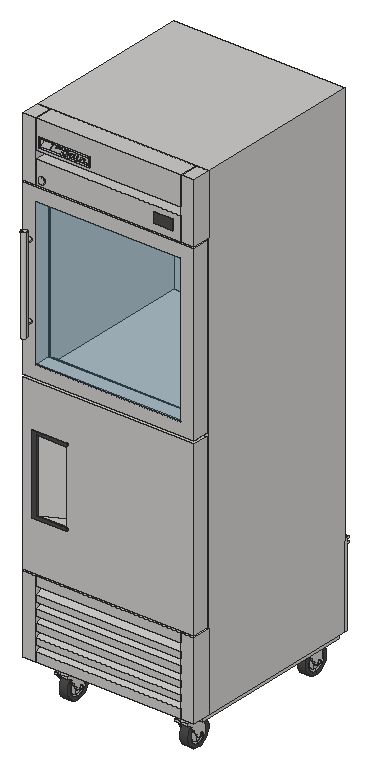
Revit family "QF_TRUE_TS-23-1-G-1-HC~FGD01", category Specialty Equipment, Revit 2015
Parameters
  Weight in Pounds = 330
  Watts = Volts * FL Amps  # 253 W
  Volts = 115 V
  URL Cutsheet = "www.truemfg.com"
  URL = "www.truemfg.com"
  Specification by User = ""
  Specification by Manufacturer = ""
  Show Clearance [instance] = yes
  Show 6 Inches Standard Legs [instance] = no
  Show 6 Inches Seismic Flanged Legs [instance] = no
  6 Inches Seismic Flanged Legs [instance] = and(Show 6 Inches Seismic Flanged Legs, not(Show 5.25 Inches Castors))  # no
  Show Logo [instance] = yes
  Serial Number = ""
  Seismic Rating = ""
  SMACNA No = ""
  Revision Code = ""
  Phase = 1
  Overall Height [instance] = Body Height + Base Height  # 83 5/8"
  Number of Poles = 1
  NAFEM Spec ID Number = ""
  Model = "TS-23-1-G-1-HC~FGD01"
  Min Ckt Ampacity = 0 A
  Max Overcurrent Protection = 0 A
  Masterspec = ""
  Manufacturer = "TRUE"
  Length = 27"
  Item Number = ""
  Installed By = ""
  Identify Quantity as Lot = yes
  Height = 83 3/8"
  HP = "1/4"
  Furnished By = ""
  Foodservice Equipment Identifier = yes
  FL Amps = 2.2 A
  Electrical Remarks = ""
  Electric Connection Type = ""
  Elec Conn RI Height = 0"
  Elec Conn Connection Height = 0"
  Description = "REACH-IN COMBINATION HALF SWING DOOR STAINLESS STEEL REFRIGERATOR WITH HYDROCARBON REFRIGERANT~FRAMED GLASS DOOR VERSION 01"
  Depth = 29 7/8"
  Cycle = 60 Hz
  Conn Plug = "NEMA 5-15P"
  Conn Conduit = yes
  CSI MasterFormat = ""
  Body Height = 78 3/8"
  Base Height [instance] = if(Show 5.25 Inches Castors, 5 1/4", 6")  # 5 1/4"
  Apparent Power = 0 VA
  6 Inches Standard Legs [instance] = and(Show 6 Inches Standard Legs, not(Show 5.25 Inches Castors))  # no
  Show 5.25 Inches Castors [instance] = if(Show 6 Inches Seismic Flanged Legs, Show 6 Inches Standard Legs, not(Show 6 Inches Standard Legs))  # yes
Reference planes (in)
  plane 1 "BACK": y = 0
  plane 2: z = 0
  plane 3 "LEFT": x = 0
  plane 4 "RIGHT": x = 27
  plane 5 "FRONT": y = -29.875
  plane 6 "TOP": z = 83.625
  plane 7 "Center Y": x = 13.5
  plane 8 "Center X": y = -14.9375
  plane 9: z = 5.25
Dimensions and locks (in)
  equal spacing: plane 3 "LEFT", plane 7 "Center Y", plane 4 "RIGHT"
  "Length": plane 3 "LEFT" to plane 4 "RIGHT"
  equal spacing: plane 5 "FRONT", plane 8 "Center X", plane 1 "BACK"
  "Depth": plane 5 "FRONT" to plane 1 "BACK"
  "Overall Height": plane 6 "TOP" to level
  plane 3 "LEFT" to plane 4 "RIGHT" = 27"
  "Base Height": plane 9 to level
  "Body Height": nested 5 to plane 9
  plane 6 "TOP" to nested 5 = 77"
  aligned and locked: level to plane 2
  aligned and locked: nested 5 to plane 9
Nested families (in)
  nested 1: "CASTER-LEGS" at (4, -2.625, 0), Show 5" Casters <- "Show 5.25 Inches Castors", Show 6 Inches Legs <- "6 Inches Standard Legs", Show Siesmic Flanged <- "6 Inches Seismic Flanged Legs", type "CASTER-LEGS"
    with Type Mark "", Status "", Specification by User "", Show Siesmic Flanged no, Show 6" Casters no, Show 6 Inches Legs no, Show 5" Casters yes, Show 4" Casters no, Show 2.5 Standard Legs no, Show 2.5 Casters no, Revision Code "", Low Profile no, Item Number "", Installed By "", Identify Quantity as Lot yes, Furnished By "", Foodservice Equipment Identifier yes
  nested 2: "CASTER-LEGS" at (4, -25.875, 0), Show 5" Casters <- "Show 5.25 Inches Castors", Show 6 Inches Legs <- "6 Inches Standard Legs", Show Siesmic Flanged <- "6 Inches Seismic Flanged Legs", type "CASTER-LEGS"
    with Type Mark "", Status "", Specification by User "", Show Siesmic Flanged no, Show 6" Casters no, Show 6 Inches Legs no, Show 5" Casters yes, Show 4" Casters no, Show 2.5 Standard Legs no, Show 2.5 Casters no, Revision Code "", Low Profile no, Item Number "", Installed By "", Identify Quantity as Lot yes, Furnished By "", Foodservice Equipment Identifier yes
  nested 3: "CASTER-LEGS" at (23, -2.625, 0), Show 5" Casters <- "Show 5.25 Inches Castors", Show 6 Inches Legs <- "6 Inches Standard Legs", Show Siesmic Flanged <- "6 Inches Seismic Flanged Legs", type "CASTER-LEGS"
    with Type Mark "", Status "", Specification by User "", Show Siesmic Flanged no, Show 6" Casters no, Show 6 Inches Legs no, Show 5" Casters yes, Show 4" Casters no, Show 2.5 Standard Legs no, Show 2.5 Casters no, Revision Code "", Low Profile no, Item Number "", Installed By "", Identify Quantity as Lot yes, Furnished By "", Foodservice Equipment Identifier yes
  nested 4: "CASTER-LEGS" at (23, -25.875, 0), Show 5" Casters <- "Show 5.25 Inches Castors", Show 6 Inches Legs <- "6 Inches Standard Legs", Show Siesmic Flanged <- "6 Inches Seismic Flanged Legs", type "CASTER-LEGS"
    with Type Mark "", Status "", Specification by User "", Show Siesmic Flanged no, Show 6" Casters no, Show 6 Inches Legs no, Show 5" Casters yes, Show 4" Casters no, Show 2.5 Standard Legs no, Show 2.5 Casters no, Revision Code "", Low Profile no, Item Number "", Installed By "", Identify Quantity as Lot yes, Furnished By "", Foodservice Equipment Identifier yes
  nested 5: "TS-23-1-G-1-HC-FGD01" at (0, 0, 0.25), Show Clearance <- "Show Clearance", Show Logo <- "Show Logo", type "TS-23-1-G-1-HC-FGD01"
    with Show Logo yes, Material and Finishes QF_Metal - Stainless - Polished
Connectors (in)
  electrical at (13.5, 0.5, 14.875), driven by "Volts", driven by "Watts"
    settings: on nested 5, index 1, voltage 115 V, apparent load 253 VA, apparent load phase1 0 VA, apparent load phase2 0 VA, apparent load phase3 0 VA, power factor 1, load classification "Other", number of poles 1, system type 30, power factor state 1, is connector primary yes, connector utility no, sub classification motor no, connector description "ELECTRICAL CONNECTION"
Definition of nested family "CASTER-LEGS"
  Parameters (values of type "CASTER-LEGS")
    Weight = ""
    URL Manufacturer = ""
    URL Cutsheet = ""
    URL = ""
    Type Mark [instance] = ""
    Status [instance] = ""
    Specification by User [instance] = ""
    Specification by Manufacturer = ""
    Show Siesmic Flanged [instance] = yes
    Show 6 Inches Legs [instance] = yes
    Show 6" Casters [instance] = yes
    Show 5" Casters [instance] = yes
    Show 4" Casters [instance] = yes
    Show 2.5 Standard Legs [instance] = yes
    Show 2.5 Casters [instance] = yes
    Serial Number = ""
    Seismic Rating = ""
    SMACNA No = ""
    Revision Code [instance] = ""
    Omniclass Number and Title = ""
    NAFEM Spec ID Number = ""
    Model = ""
    MasterSpec. = ""
    Manufacturer = ""
    Low Profile [instance] = yes
    Item Number [instance] = ""
    Installed By [instance] = ""
    Identify Quantity as Lot [instance] = yes
    Furnished By [instance] = ""
    Foodservice Equipment Identifier [instance] = yes
    Description = ""
    CSI MasterFormat = ""
    CSI Master Format = ""
    Assembly Code = ""
  Reference planes (in)
    plane 1: z = 0
    plane 2 "RIGHT": x = 0
    plane 3 "FRONT": y = 0
    plane 4 "TOP": z = 6
    plane 5: z = 2.125
    plane 6: z = 2.5
    plane 7: z = 6.25
  Forms (in)
    Revolve 1, solid, visible <- "Show 6 Inches Legs"
      sketch origin (11.12172, 0, 0) x (-1, 0, 0) y (0, 0, -1)
        loop
          line (11.12172, -6) -> (11.12172, 0) -> (10.62172, 0) -> (10.62172, -1.30261) -> (10.37172, -1.30261) -> (10.37172, -6) -> (11.12172, -6)
        axis (11.12172, 0) -> (11.12172, -6)
      angle from 0 to 360
    Extrusion 2, solid, visible <- "Show Siesmic Flanged"
      sketch origin (0, 0, 0) x (1, 0, 0) y (0, 1, 0)
        loop
          circle (-0.00825, 0) r 1
      from 0 to 0.125
    Revolve 3, solid, visible <- "Show Siesmic Flanged"
      sketch origin (11.12172, 0, 0) x (-1, 0, 0) y (0, 0, -1)
        loop
          line (11.12172, -6) -> (11.12172, -0.125) -> (10.62172, -0.125) -> (10.62172, -1.30261) -> (10.37172, -1.30261) -> (10.37172, -6) -> (11.12172, -6)
        axis (11.12172, -0.125) -> (11.12172, -6)
      angle from 0 to 360
    Revolve 4, solid, visible <- "Show 2.5 Standard Legs"
      sketch origin (11.12172, 0, 0) x (-1, 0, 0) y (0, 0, -1)
        loop
          line (11.12172, -2.5) -> (11.12172, 0) -> (10.62172, 0) -> (10.62172, -0.75) -> (10.37172, -0.75) -> (10.37172, -2.5) -> (11.12172, -2.5)
        axis (11.12172, 0) -> (11.12172, -2.5)
      angle from 0 to 360
  Dimensions and locks (in)
    plane 4 "TOP" to level = 6"  (x2)
    locked: Revolve 1 sketch curve to Revolve 1 sketch curve at 1.30261
    locked: Revolve 1 sketch curve to Revolve 1 sketch curve at 0.75
    nested 1 to level = 5"
    plane 6 to plane 1 = 2 1/2"
    plane 5 to plane 1 = 2 1/8"
    plane 7 to plane 1 = 6 1/4"
    locked: Revolve 3 sketch curve to Revolve 3 sketch curve at 0.75
    aligned and locked: level to plane 1
  Nested families (in)
    nested 1: "PITCO_5 INCHES CASTER" at (0, 0, 0), Show Casters <- "Show 5" Casters", type "PITCO_5 INCHES CASTER"
      with Type Mark "", Status "", Specification by User "", Show Casters yes, Revision Code "", Item Number "", Installed By "", Identify Quantity as Lot yes, Furnished By "", Foodservice Equipment Identifier yes
    nested 2: "2.13" at (0, 0, 0), 2.5 Inches Caster <- "Low Profile", type "2.13"
      with Type Mark "", Status "", Specification by User "", Revision Code "", Item Number "", Installed By "", Identify Quantity as Lot yes, Furnished By "", Foodservice Equipment Identifier yes, 2.5 Inches Caster yes
    nested 3: "C4" at (0, 0, 0), Show 4 Inches Casters <- "Show 4" Casters", type "C4"
      with Type Mark "", Specification by User "", Show 4 Inches Casters yes, Revision Code "", Item Number "", Installed By "", Identify Quantity as Lot yes, Furnished By "", Foodservice Equipment Identifier yes
    nested 4: "6 Inches Leg & Caster" at (0, 0, 0), Show Casters <- "Show 6" Casters", type "6 Inches Leg & Caster"
      with Type Mark "", Status "", Specification by User "", Show Casters yes, Revision Code "", Item Number "", Installed By "", Identify Quantity as Lot yes, Furnished By "", Foodservice Equipment Identifier yes
    nested 5: "C2.5" at (0, -0.86941, 0), 2.5 Inches Caster <- "Show 2.5 Casters", type "C2.5"
      with Type Mark "", Status "", Specification by User "", Revision Code "", Item Number "", Installed By "", Identify Quantity as Lot yes, Furnished By "", Foodservice Equipment Identifier yes, 2.5 Inches Caster yes
  Definition of nested family "PITCO_5 INCHES CASTER"
    Parameters (values of type "PITCO_5 INCHES CASTER")
      Weight = ""
      URL Manufacturer = ""
      URL Cutsheet = ""
      URL = ""
      Type Mark [instance] = ""
      Status [instance] = ""
      Specification by User [instance] = ""
      Specification by Manufacturer = ""
      Show Casters [instance] = yes
      Rubber = none
      Chrome = none
      Serial Number = ""
      Seismic Rating = ""
      SMACNA No = ""
      Revision Code [instance] = ""
      Omniclass Number and Title = ""
      NAFEM Spec ID Number = ""
      Model = ""
      MasterSpec. = ""
      Manufacturer = ""
      Item Number [instance] = ""
      Installed By [instance] = ""
      Identify Quantity as Lot [instance] = yes
      Furnished By [instance] = ""
      Foodservice Equipment Identifier [instance] = yes
      Description = ""
      CSI MasterFormat = ""
      CSI Master Format = ""
      Assembly Code = ""
    Reference planes (in)
      plane 1: z = 0
      plane 2 "RIGHT": x = 0
      plane 3 "FRONT": y = 0
      plane 4 "TOP": z = 5
      plane 5: z = 5.0625
      plane 6: z = 5.25
    Forms (in)
      Revolve 1, solid, visible <- "Show Casters"
        sketch origin (-180, 1.0625, -34.67466) x (0, 0, -1) y (-1, 0, 0)
          loop
            line (-34.67466, -180.64009) -> (-34.67466, -179.35991) -> (-35.17466, -179.35991) -> (-35.17466, -179.48491) -> (-35.42466, -179.48491) -> (-35.42466, -179.64009) -> (-36.48519, -179.60306) -> (-36.48519, -178.85852) -> (-36.5316, -178.85852) -> (-36.5316, -178.71719) -> (-36.70591, -178.71719) -> (-36.70591, -181.28281) -> (-36.5316, -181.28281) -> (-36.5316, -181.14148) -> (-36.48519, -181.14148) -> (-36.48519, -180.39694) -> (-35.42466, -180.35991) -> (-35.42466, -180.51509) -> (-35.17466, -180.51509) -> (-35.17466, -180.64009) -> (-34.67466, -180.64009)
          axis (-36.70591, -181.28281) -> (-36.70591, -178.71719)
        angle from 0 to 360
      Extrusion 2, solid, visible <- "Show Casters"
        sketch origin (0, 0, -1.11142) x (0, -1, 0) y (1, 0, 0)
          loop
            circle (0, 0) r 1.5
        from 5.61142 to 6.36142
      Extrusion 3, solid, visible <- "Show Casters"
        sketch origin (0, 0, 0.289) x (0, -1, 0) y (0, 0, 1)
          loop
            arc (0.91808, 3.59427) -> (1.13645, 3.7909) -> (1.42156, 3.86198) r 0.60732
            line (1.42156, 3.86198) -> (1.46208, 3.86198) -> (1.43155, 4.211) -> (-1.43155, 4.211)
            arc (-1.43155, 4.211) -> (-1.62474, 4.13098) -> (-1.70476, 3.93778) r 0.27322
            line (-1.70476, 3.93778) -> (-1.70476, 3.78861) -> (-1.76351, 2.11371) -> (-1.82446, 1.68005)
            arc (-1.82446, 1.68005) -> (-1.73191, 1.41127) -> (-1.46007, 1.32816) r 0.31307
            line (-1.46007, 1.32816) -> (-0.60834, 1.47835)
            arc (-0.60834, 1.47835) -> (-0.50841, 1.51771) -> (-0.43181, 1.59299) r 0.26936
            line (-0.43181, 1.59299) -> (0.91808, 3.59427)
        from 0.84601 to 1.05998
      Extrusion 4, solid, visible <- "Show Casters"
        sketch origin (0, 0, -0.82242) x (0, -1, 0) y (0, 0, -1)
          loop
            line (1.43155, -5.32242) -> (1.46208, -4.9734) -> (1.42156, -4.9734)
            arc (1.42156, -4.9734) -> (1.13645, -4.90232) -> (0.91808, -4.70569) r 0.60732
            line (0.91808, -4.70569) -> (-0.43181, -2.70441)
            arc (-0.43181, -2.70441) -> (-0.50841, -2.62913) -> (-0.60834, -2.58977) r 0.26936
            line (-0.60834, -2.58977) -> (-1.46007, -2.43958)
            arc (-1.46007, -2.43958) -> (-1.73191, -2.52269) -> (-1.82446, -2.79147) r 0.31307
            line (-1.82446, -2.79147) -> (-1.76351, -3.22513) -> (-1.70476, -4.90003) -> (-1.70476, -5.0492)
            arc (-1.70476, -5.0492) -> (-1.62474, -5.2424) -> (-1.43155, -5.32242) r 0.27322
            line (-1.43155, -5.32242) -> (1.43155, -5.32242)
        from 0.84601 to 1.05998
      Extrusion 5, solid, visible <- "Show Casters"
        sketch origin (-0.84601, 0, 0.289) x (0, 1, 0) y (0, 0, 1)
          loop
            line (1.43155, 4.211) -> (-1.43155, 4.211) -> (-1.46208, 3.86198) -> (-1.42156, 3.86198)
            arc (-1.42156, 3.86198) -> (-1.13645, 3.7909) -> (-0.91808, 3.59427) r 0.60732
            arc (-0.91808, 3.59427) -> (0.37927, 3.88135) -> (1.70476, 3.78861) r 4.63574
            line (1.70476, 3.78861) -> (1.70476, 3.93778)
            arc (1.70476, 3.93778) -> (1.62474, 4.13098) -> (1.43155, 4.211) r 0.27322
        from 0 to 1.69203
    Cuts and joins
      joined: Extrusion 3, Extrusion 4, Extrusion 5
    Lines and regions (in)
      symbolic lines, visible <- "Show Casters"
        curve 1: line (0.70901, 2.6399, 0) -> (1.79507, 2.01286, 0)
        curve 2: line (-1.79099, -1.69023, 0) -> (0.70901, 2.6399, 0)
        curve 3: line (-0.70493, -2.31727, 0) -> (-1.79099, -1.69023, 0)
        curve 4: line (1.79507, 2.01286, 0) -> (-0.70493, -2.31727, 0)
    Dimensions and locks (in)
      plane 4 "TOP" to level = 5"  (x2)
      plane 5 to level = 5 1/16"
      plane 6 to level = 5 1/4"
      aligned and locked: level to plane 1
  Definition of nested family "2.13"
    Parameters
      Weight = ""
      URL Manufacturer = ""
      URL Cutsheet = ""
      URL = ""
      Type Mark [instance] = ""
      Status [instance] = ""
      Specification by User [instance] = ""
      Specification by Manufacturer = ""
      Serial Number = ""
      Seismic Rating = ""
      SMACNA No = ""
      Revision Code [instance] = ""
      Omniclass Number and Title = ""
      NAFEM Spec ID Number = ""
      Model = ""
      MasterSpec. = ""
      Manufacturer = ""
      Item Number [instance] = ""
      Installed By [instance] = ""
      Identify Quantity as Lot [instance] = yes
      Furnished By [instance] = ""
      Foodservice Equipment Identifier [instance] = yes
      Description = ""
      CSI MasterFormat = ""
      CSI Master Format = ""
      Assembly Code = ""
      2.5 Inches Caster [instance] = yes
    Reference planes (in)
      plane 1: z = 0
      plane 2 "RIGHT": x = 0
      plane 3 "FRONT": y = 0
      plane 4 "TOP": z = 2.125
    Forms (in)
      Revolve 1, solid, visible <- "2.5 Inches Caster"
        sketch origin (-1.93794, 0.83816, -1.0041) x (1, 0, 0) y (0, 0, 1)
          loop
            line (0.74055, 1.76972) -> (0.74055, 1.69422) -> (0.79055, 1.64422) -> (0.85055, 1.64422) -> (0.85055, 1.52415) -> (1.235, 1.52415) -> (1.235, 1.4568) -> (1.38673, 1.3692) -> (1.4003, 1.28535) -> (1.34375, 1.28535) -> (1.34375, 1.16035) -> (1.375, 1.16035) -> (1.375, 1.0041) -> (1.87544, 1.0041) -> (1.87544, 1.52415) -> (2.00044, 1.52415) -> (2.00044, 1.0041) -> (2.48438, 1.0041) -> (2.48438, 1.16035) -> (2.51563, 1.16035) -> (2.51563, 1.28535) -> (2.45908, 1.28535) -> (2.47322, 1.37272) -> (2.62438, 1.45999) -> (2.62438, 1.52415) -> (3.04007, 1.52415) -> (3.04007, 1.64422) -> (3.10007, 1.64422) -> (3.15007, 1.69422) -> (3.15007, 1.76972) -> (0.74055, 1.76972)
          axis (0.74055, 1.76972) -> (3.15007, 1.76972)
        angle from 0 to 360
      Extrusion 2, solid, visible <- "2.5 Inches Caster"
        sketch origin (-1.93794, 1.80294, -3.6291) x (0, 1, 0) y (0, 0, 1)
          loop
            line (-0.64294, 5.43229) -> (-0.64294, 5.55298) -> (-2.21294, 5.55298) -> (-2.21294, 5.30272) -> (-1.81966, 5.30272)
            arc (-1.81966, 5.30272) -> (-1.13638, 5.20789) -> (-0.46376, 5.05475) r 8.02767
            arc (-0.46376, 5.05475) -> (-0.19511, 4.95469) -> (0.05138, 4.80832) r 1.60049
            line (0.05138, 4.80832) -> (0.12713, 4.91318)
            arc (0.12713, 4.91318) -> (-0.07255, 5.06376) -> (-0.29048, 5.18644) r 1.8753
            line (-0.29048, 5.18644) -> (-0.22239, 5.30423)
            arc (-0.22239, 5.30423) -> (-0.42776, 5.38437) -> (-0.64294, 5.43229) r 1.44292
        from 1.17357 to 2.70231
      Revolve 3, solid, visible <- "2.5 Inches Caster"
        sketch origin (0, 2.10856, -4.125) x (0, 1, 0) y (0, 0, 1)
          loop
            line (-1.73858, 6.25) -> (-1.73858, 6.04889) -> (-1.05793, 6.04889) -> (-1.05793, 6.25) -> (-1.73858, 6.25)
          axis (-1.73858, 6.04889) -> (-1.73858, 6.25)
        angle from 0 to 360
      Extrusion 4, solid, visible <- "2.5 Inches Caster"
        sketch origin (-1.98481, 1.80294, -2.1291) x (0, 1, 0) y (0, 0, 1)
          loop
            line (-2.21294, 4.05298) -> (-2.21294, 3.80272) -> (-2.13999, 3.80272)
            arc (-2.13999, 3.80272) -> (-1.62379, 3.51899) -> (-1.39241, 2.97729) r 0.90292
            arc (-1.39241, 2.97729) -> (-1.36136, 2.78161) -> (-1.29729, 2.59413) r 1.15385
            arc (-1.29729, 2.59413) -> (-0.94802, 2.37355) -> (-0.6121, 2.61396) r 0.37001
            arc (-0.6121, 2.61396) -> (-0.59625, 2.66241) -> (-0.58446, 2.712) r 0.61695
            arc (-0.58446, 2.712) -> (-0.36134, 3.11665) -> (0.05609, 3.31484) r 0.75313
            line (0.05609, 3.31484) -> (0.12713, 3.41318)
            arc (0.12713, 3.41318) -> (-0.07255, 3.56376) -> (-0.29048, 3.68644) r 1.8753
            line (-0.29048, 3.68644) -> (-0.22239, 3.80423)
            arc (-0.22239, 3.80423) -> (-0.42776, 3.88437) -> (-0.64294, 3.93229) r 1.44292
            line (-0.64294, 3.93229) -> (-0.64294, 4.05298) -> (-2.21294, 4.05298)
        from 2.74918 to 2.90825
      Extrusion 5, solid, visible <- "2.5 Inches Caster"
        sketch origin (1.98481, 1.80294, -2.1291) x (0, 1, 0) y (0, 0, -1)
          loop
            line (-2.21294, -4.05298) -> (-0.64294, -4.05298) -> (-0.64294, -3.93229)
            arc (-0.64294, -3.93229) -> (-0.42776, -3.88437) -> (-0.22239, -3.80423) r 1.44292
            line (-0.22239, -3.80423) -> (-0.29048, -3.68644)
            arc (-0.29048, -3.68644) -> (-0.07255, -3.56376) -> (0.12713, -3.41318) r 1.8753
            line (0.12713, -3.41318) -> (0.05609, -3.31484)
            arc (0.05609, -3.31484) -> (-0.36134, -3.11665) -> (-0.58446, -2.712) r 0.75313
            arc (-0.58446, -2.712) -> (-0.59625, -2.66241) -> (-0.6121, -2.61396) r 0.61695
            arc (-0.6121, -2.61396) -> (-0.94802, -2.37355) -> (-1.29729, -2.59413) r 0.37001
            arc (-1.29729, -2.59413) -> (-1.36136, -2.78161) -> (-1.39241, -2.97729) r 1.15385
            arc (-1.39241, -2.97729) -> (-1.62379, -3.51899) -> (-2.13999, -3.80272) r 0.90292
            line (-2.13999, -3.80272) -> (-2.21294, -3.80272) -> (-2.21294, -4.05298)
        from 2.74918 to 2.90825
    Lines and regions (in)
      symbolic lines, visible <- "2.5 Inches Caster"
        curve 1: line (0.10651, 1.27186, 0) -> (0.80944, 0.86603, 0)
        curve 2: line (-0.89349, -0.46019, 0) -> (0.10651, 1.27186, 0)
        curve 3: line (-0.19056, -0.86603, 0) -> (-0.89349, -0.46019, 0)
        curve 4: line (0.80944, 0.86603, 0) -> (-0.19056, -0.86603, 0)
    Dimensions and locks (in)
      plane 4 "TOP" to level = 2 1/8"  (x2)
      aligned and locked: level to plane 1
  Definition of nested family "C4"
    Parameters
      Weight = ""
      URL Manufacturer = ""
      URL Cutsheet = ""
      URL = ""
      Type Mark [instance] = ""
      Specification by User [instance] = ""
      Specification by Manufacturer = ""
      Show 4 Inches Casters [instance] = yes
      Serial Number = ""
      Seismic Rating = ""
      SMACNA No = ""
      Revision Code [instance] = ""
      Omniclass Number and Title = ""
      NAFEM Spec ID Number = ""
      Model = ""
      MasterSpec. = ""
      Manufacturer = ""
      Item Number [instance] = ""
      Installed By [instance] = ""
      Identify Quantity as Lot [instance] = yes
      Furnished By [instance] = ""
      Foodservice Equipment Identifier [instance] = yes
      Description = ""
      CSI MasterFormat = ""
      CSI Master Format = ""
      Assembly Code = ""
    Reference planes (in)
      plane 1: z = 0
      plane 2 "RIGHT": x = 0
      plane 3 "FRONT": y = 0
      plane 4 "TOP": z = 4
    Forms (in)
      Revolve 1, solid, visible <- "Show 4 Inches Casters"
        sketch origin (-1.93794, 0.83816, -1.0041) x (1, 0, 0) y (0, 0, 1)
          loop
            line (0.74055, 2.5041) -> (3.15007, 2.5041) -> (3.15007, 2.5796) -> (3.10007, 2.6296) -> (3.04007, 2.6296) -> (3.04007, 2.74967) -> (2.62438, 2.74967) -> (2.62438, 2.93884) -> (2.48438, 3.01967) -> (2.45908, 3.17597) -> (2.51563, 3.17597) -> (2.51563, 3.41035) -> (2.48438, 3.41035) -> (2.48438, 4.0041) -> (1.375, 4.0041) -> (1.375, 3.41035) -> (1.34375, 3.41035) -> (1.34375, 3.17597) -> (1.4003, 3.17597) -> (1.37557, 3.02318) -> (1.235, 2.94202) -> (1.235, 2.74967) -> (0.85055, 2.74967) -> (0.85055, 2.6296) -> (0.79055, 2.6296) -> (0.74055, 2.5796) -> (0.74055, 2.5041)
          axis (0.74055, 2.5041) -> (3.15007, 2.5041)
        angle from 0 to 360
      Extrusion 2, solid, visible <- "Show 4 Inches Casters"
        sketch origin (-1.93794, 1.80294, -1.7541) x (0, 1, 0) y (0, 0, 1)
          loop
            line (-3.08794, 5.33423) -> (-3.08794, 5.00584) -> (-2.69466, 5.00584)
            arc (-2.69466, 5.00584) -> (-1.57175, 4.94895) -> (-0.46376, 4.75787) r 9.36411
            arc (-0.46376, 4.75787) -> (-0.05889, 4.58436) -> (0.28335, 4.30705) r 1.60049
            line (0.28335, 4.30705) -> (0.34449, 4.39437)
            arc (0.34449, 4.39437) -> (0.12713, 4.6163) -> (-0.1239, 4.79931) r 1.8753
            line (-0.1239, 4.79931) -> (-0.05749, 4.91421)
            arc (-0.05749, 4.91421) -> (-0.33807, 5.05694) -> (-0.64294, 5.13542) r 1.44292
            line (-0.64294, 5.13542) -> (-0.64294, 5.33423) -> (-3.08794, 5.33423)
        from 1.1267 to 2.74918
      Revolve 3, solid, visible <- "Show 4 Inches Casters"
        sketch origin (0, 2.15543, -2.25) x (0, 1, 0) y (0, 0, 1)
          loop
            line (-2.21793, 6.25) -> (-2.21793, 5.83014) -> (-1.05793, 5.83014) -> (-1.05793, 6.25) -> (-2.21793, 6.25)
          axis (-2.21793, 5.83014) -> (-2.21793, 6.25)
        angle from 0 to 360
      Extrusion 4, solid, visible <- "Show 4 Inches Casters"
        sketch origin (-1.93794, 1.80294, -1.7541) x (0, 1, 0) y (0, 0, 1)
          loop
            line (-3.08794, 5.33423) -> (-3.08794, 5.00584) -> (-2.8913, 5.00584)
            arc (-2.8913, 5.00584) -> (-2.09118, 4.14057) -> (-1.45681, 3.14736) r 6.63355
            arc (-1.45681, 3.14736) -> (-0.85703, 2.75969) -> (-0.4561, 3.35069) r 0.5107
            arc (-0.4561, 3.35069) -> (-0.27092, 3.92503) -> (0.24034, 4.24562) r 0.88136
            line (0.24034, 4.24562) -> (0.34449, 4.39437)
            arc (0.34449, 4.39437) -> (0.12713, 4.6163) -> (-0.1239, 4.79931) r 1.8753
            line (-0.1239, 4.79931) -> (-0.05749, 4.91421)
            arc (-0.05749, 4.91421) -> (-0.33807, 5.05694) -> (-0.64294, 5.13542) r 1.44292
            line (-0.64294, 5.13542) -> (-0.64294, 5.33423) -> (-3.08794, 5.33423)
        from 2.74918 to 2.90825
      Extrusion 5, solid, visible <- "Show 4 Inches Casters"
        sketch origin (1.93794, 1.80294, -1.7541) x (0, 1, 0) y (0, 0, -1)
          loop
            line (-3.08794, -5.33423) -> (-0.64294, -5.33423) -> (-0.64294, -5.13542)
            arc (-0.64294, -5.13542) -> (-0.33807, -5.05694) -> (-0.05749, -4.91421) r 1.44292
            line (-0.05749, -4.91421) -> (-0.1239, -4.79931)
            arc (-0.1239, -4.79931) -> (0.12713, -4.6163) -> (0.34449, -4.39437) r 1.8753
            line (0.34449, -4.39437) -> (0.24034, -4.24562)
            arc (0.24034, -4.24562) -> (-0.27092, -3.92503) -> (-0.4561, -3.35069) r 0.88136
            arc (-0.4561, -3.35069) -> (-0.85703, -2.75969) -> (-1.45681, -3.14736) r 0.5107
            arc (-1.45681, -3.14736) -> (-2.09118, -4.14057) -> (-2.8913, -5.00584) r 6.63355
            line (-2.8913, -5.00584) -> (-3.08794, -5.00584) -> (-3.08794, -5.33423)
        from 2.74918 to 2.90825
    Cuts and joins
      joined: Extrusion 2, Extrusion 4, Extrusion 5
    Lines and regions (in)
      symbolic lines, visible <- "Show 4 Inches Casters"
        curve 1: line (0.28481, 1.83041, 0) -> (1.24556, 1.27572, 0)
        curve 2: line (-1.26206, -0.84886, 0) -> (0.28481, 1.83041, 0)
        curve 3: line (-0.30132, -1.40355, 0) -> (-1.26206, -0.84886, 0)
        curve 4: line (1.24556, 1.27572, 0) -> (-0.30132, -1.40355, 0)
    Dimensions and locks (in)
      plane 4 "TOP" to level = 4"  (x2)
      aligned and locked: level to plane 1
  Definition of nested family "6 Inches Leg & Caster"
    Parameters
      Weight = ""
      URL Manufacturer = ""
      URL Cutsheet = ""
      URL = ""
      Type Mark [instance] = ""
      Status [instance] = ""
      Specification by User [instance] = ""
      Specification by Manufacturer = ""
      Show Casters [instance] = yes
      Serial Number = ""
      Seismic Rating = ""
      SMACNA No = ""
      Revision Code [instance] = ""
      Omniclass Number and Title = ""
      NAFEM Spec ID Number = ""
      Model = ""
      MasterSpec. = ""
      Manufacturer = ""
      Item Number [instance] = ""
      Installed By [instance] = ""
      Identify Quantity as Lot [instance] = yes
      Furnished By [instance] = ""
      Foodservice Equipment Identifier [instance] = yes
      Description = ""
      CSI MasterFormat = ""
      CSI Master Format = ""
    Reference planes (in)
      plane 1 "BACK": y = 0
      plane 2: z = 0
      plane 3 "LEFT": x = 0
      plane 4 "RIGHT": x = 0
      plane 5 "FRONT": y = 0
      plane 6 "TOP": z = 6.25
    Forms (in)
      Revolve 1, solid, visible <- "Show Casters"
        sketch origin (-2.21793, 0, -0.25) x (-1, 0, 0) y (0, 0, 1)
          loop
            line (-2.21793, 6) -> (-2.21793, 5.55584) -> (-0.93693, 5.55584) -> (-0.93693, 6) -> (-2.21793, 6)
          axis (-2.21793, 5.55584) -> (-2.21793, 6)
        angle from 0 to 360
      Extrusion 2, solid, visible <- "Show Casters"
        sketch origin (0.25594, 2.21793, -0.1875) x (0, 1, 0) y (0, 0, 1)
          loop
            line (-3.37793, 5.49334) -> (-3.37793, 5.24334) -> (-1.63015, 2.08504)
            arc (-1.63015, 2.08504) -> (-0.63555, 1.74359) -> (-0.1951, 2.69848) r 0.78437
            line (-0.1951, 2.69848) -> (-1.06726, 5.49334) -> (-3.37793, 5.49334)
        from 0.78968 to 0.90247
      Extrusion 3, solid, visible <- "Show Casters"
        sketch origin (0, 0, 5.75) x (0, 1, 0) y (-1, 0, 0)
          loop
            circle (0, 0) r 0.75
        from 0 to 0.5
      Extrusion 4, solid, visible <- "Show Casters"
        sketch origin (-0.25594, 2.21793, -0.1875) x (0, 1, 0) y (0, 0, -1)
          loop
            line (-3.37793, -5.49334) -> (-1.06726, -5.49334) -> (-0.1951, -2.69848)
            arc (-0.1951, -2.69848) -> (-0.63555, -1.74359) -> (-1.63015, -2.08504) r 0.78437
            line (-1.63015, -2.08504) -> (-3.37793, -5.24334) -> (-3.37793, -5.49334)
        from 0.78968 to 0.90247
      Extrusion 5, solid, visible <- "Show Casters"
        sketch origin (0, 0, 0.75) x (0, 1, 0) y (0, 0, 1)
          loop
            line (-1.16, 4.55584) -> (-1.16, 4.30584) -> (1.15067, 4.30584) -> (1.15067, 4.55584) -> (-1.16, 4.55584)
        from -1.04562 to 1.04562
      Revolve 6, solid, visible <- "Show Casters"
        sketch origin (-1.9375, 1.23015, -0.12802) x (1, 0, 0) y (0, 0, 1)
          loop
            line (0.5843, 2.5041) -> (0.5843, 2.3661) -> (0.6343, 2.3161) -> (0.6943, 2.3161) -> (0.6943, 2.1804) -> (1.1725, 2.1804) -> (1.1725, 1.78493) -> (1.31307, 1.70377) -> (1.42647, 1.00302) -> (1.28125, 1.00302) -> (1.28125, 0.75302) -> (1.3125, 0.75302) -> (1.3125, 0.50302)
            arc (1.3125, 0.50302) -> (1.42233, 0.23785) -> (1.6875, 0.12802) r 0.375
            line (1.6875, 0.12802) -> (2.1875, 0.12802)
            arc (2.1875, 0.12802) -> (2.45267, 0.23785) -> (2.5625, 0.50302) r 0.375
            line (2.5625, 0.50302) -> (2.5625, 0.75302) -> (2.59375, 0.75302) -> (2.59375, 1.00302) -> (2.44853, 1.00302) -> (2.5625, 1.70728) -> (2.7025, 1.78811) -> (2.7025, 2.1804) -> (3.1807, 2.1804) -> (3.1807, 2.3161) -> (3.2407, 2.3161) -> (3.2907, 2.3661) -> (3.2907, 2.5041) -> (0.5843, 2.5041)
          axis (0.5843, 2.5041) -> (3.2907, 2.5041)
        angle from 0 to 360
    Cuts and joins
      joined: Extrusion 2, Extrusion 4, Extrusion 5
    Lines and regions (in)
      symbolic lines, visible <- "Show Casters"
        curve 1: line (0.46086, 2.04455, 0) -> (1.54339, 1.41955, 0)
        curve 2: line (-1.53914, -1.41955, 0) -> (0.46086, 2.04455, 0)
        curve 3: line (-0.45661, -2.04455, 0) -> (-1.53914, -1.41955, 0)
        curve 4: line (1.54339, 1.41955, 0) -> (-0.45661, -2.04455, 0)
    Dimensions and locks (in)
      plane 6 "TOP" to level = 6 1/4"  (x2)
      aligned and locked: level to plane 2
  Definition of nested family "C2.5"
    Parameters
      Weight = ""
      URL Manufacturer = ""
      URL Cutsheet = ""
      URL = ""
      Type Mark [instance] = ""
      Status [instance] = ""
      Specification by User [instance] = ""
      Specification by Manufacturer = ""
      Serial Number = ""
      Seismic Rating = ""
      SMACNA No = ""
      Revision Code [instance] = ""
      Omniclass Number and Title = ""
      NAFEM Spec ID Number = ""
      Model = ""
      MasterSpec. = ""
      Manufacturer = ""
      Item Number [instance] = ""
      Installed By [instance] = ""
      Identify Quantity as Lot [instance] = yes
      Furnished By [instance] = ""
      Foodservice Equipment Identifier [instance] = yes
      Description = ""
      CSI MasterFormat = ""
      CSI Master Format = ""
      Assembly Code = ""
      2.5 Inches Caster [instance] = yes
    Reference planes (in)
      plane 1: z = 0
      plane 2 "RIGHT": x = 0
      plane 3 "FRONT": y = 0
      plane 4 "TOP": z = 2.5
    Forms (in)
      Revolve 1, solid, visible <- "2.5 Inches Caster"
        sketch origin (-1.93794, 0.83816, -1.0041) x (1, 0, 0) y (0, 0, 1)
          loop
            line (0.74055, 1.92597) -> (0.74055, 1.85047) -> (0.79055, 1.80047) -> (0.85055, 1.80047) -> (0.85055, 1.6804) -> (1.235, 1.6804) -> (1.235, 1.61305) -> (1.38673, 1.52545) -> (1.4003, 1.4416) -> (1.34375, 1.4416) -> (1.34375, 1.3166) -> (1.375, 1.3166) -> (1.375, 1.0041) -> (2.48438, 1.0041) -> (2.48438, 1.3166) -> (2.51563, 1.3166) -> (2.51563, 1.4416) -> (2.45908, 1.4416) -> (2.47322, 1.52897) -> (2.62438, 1.61624) -> (2.62438, 1.6804) -> (3.04007, 1.6804) -> (3.04007, 1.80047) -> (3.10007, 1.80047) -> (3.15007, 1.85047) -> (3.15007, 1.92597) -> (0.74055, 1.92597)
          axis (0.74055, 1.92597) -> (3.15007, 1.92597)
        angle from 0 to 360
      Extrusion 2, solid, visible <- "2.5 Inches Caster"
        sketch origin (-1.93794, 1.80294, -3.2541) x (0, 1, 0) y (0, 0, 1)
          loop
            line (-0.64294, 5.43229) -> (-0.64294, 5.55298) -> (-2.21294, 5.55298) -> (-2.21294, 5.30272) -> (-1.81966, 5.30272)
            arc (-1.81966, 5.30272) -> (-1.13638, 5.20789) -> (-0.46376, 5.05475) r 8.02767
            arc (-0.46376, 5.05475) -> (-0.19511, 4.95469) -> (0.05138, 4.80832) r 1.60049
            line (0.05138, 4.80832) -> (0.12713, 4.91318)
            arc (0.12713, 4.91318) -> (-0.07255, 5.06376) -> (-0.29048, 5.18644) r 1.8753
            line (-0.29048, 5.18644) -> (-0.22239, 5.30423)
            arc (-0.22239, 5.30423) -> (-0.42776, 5.38437) -> (-0.64294, 5.43229) r 1.44292
        from 1.17357 to 2.70231
      Revolve 3, solid, visible <- "2.5 Inches Caster"
        sketch origin (0, 2.10856, -3.75) x (0, 1, 0) y (0, 0, 1)
          loop
            line (-1.73858, 6.25) -> (-1.73858, 6.04889) -> (-1.05793, 6.04889) -> (-1.05793, 6.25) -> (-1.73858, 6.25)
          axis (-1.73858, 6.04889) -> (-1.73858, 6.25)
        angle from 0 to 360
      Extrusion 4, solid, visible <- "2.5 Inches Caster"
        sketch origin (-1.98481, 1.80294, -1.7541) x (0, 1, 0) y (0, 0, 1)
          loop
            line (-2.21294, 4.05298) -> (-2.21294, 3.80272) -> (-2.13999, 3.80272)
            arc (-2.13999, 3.80272) -> (-1.62379, 3.51899) -> (-1.39241, 2.97729) r 0.90292
            arc (-1.39241, 2.97729) -> (-1.36136, 2.78161) -> (-1.29729, 2.59413) r 1.15385
            arc (-1.29729, 2.59413) -> (-0.94802, 2.37355) -> (-0.6121, 2.61396) r 0.37001
            arc (-0.6121, 2.61396) -> (-0.59625, 2.66241) -> (-0.58446, 2.712) r 0.61695
            arc (-0.58446, 2.712) -> (-0.36134, 3.11665) -> (0.05609, 3.31484) r 0.75313
            line (0.05609, 3.31484) -> (0.12713, 3.41318)
            arc (0.12713, 3.41318) -> (-0.07255, 3.56376) -> (-0.29048, 3.68644) r 1.8753
            line (-0.29048, 3.68644) -> (-0.22239, 3.80423)
            arc (-0.22239, 3.80423) -> (-0.42776, 3.88437) -> (-0.64294, 3.93229) r 1.44292
            line (-0.64294, 3.93229) -> (-0.64294, 4.05298) -> (-2.21294, 4.05298)
        from 2.74918 to 2.90825
      Extrusion 5, solid, visible <- "2.5 Inches Caster"
        sketch origin (1.98481, 1.80294, -1.7541) x (0, 1, 0) y (0, 0, -1)
          loop
            line (-2.21294, -4.05298) -> (-0.64294, -4.05298) -> (-0.64294, -3.93229)
            arc (-0.64294, -3.93229) -> (-0.42776, -3.88437) -> (-0.22239, -3.80423) r 1.44292
            line (-0.22239, -3.80423) -> (-0.29048, -3.68644)
            arc (-0.29048, -3.68644) -> (-0.07255, -3.56376) -> (0.12713, -3.41318) r 1.8753
            line (0.12713, -3.41318) -> (0.05609, -3.31484)
            arc (0.05609, -3.31484) -> (-0.36134, -3.11665) -> (-0.58446, -2.712) r 0.75313
            arc (-0.58446, -2.712) -> (-0.59625, -2.66241) -> (-0.6121, -2.61396) r 0.61695
            arc (-0.6121, -2.61396) -> (-0.94802, -2.37355) -> (-1.29729, -2.59413) r 0.37001
            arc (-1.29729, -2.59413) -> (-1.36136, -2.78161) -> (-1.39241, -2.97729) r 1.15385
            arc (-1.39241, -2.97729) -> (-1.62379, -3.51899) -> (-2.13999, -3.80272) r 0.90292
            line (-2.13999, -3.80272) -> (-2.21294, -3.80272) -> (-2.21294, -4.05298)
        from 2.74918 to 2.90825
    Lines and regions (in)
      symbolic lines, visible <- "2.5 Inches Caster"
        curve 1: line (0.10651, 1.96132, 0) -> (0.80944, 1.55548, 0)
        curve 2: line (-0.89349, 0.22927, 0) -> (0.10651, 1.96132, 0)
        curve 3: line (-0.19056, -0.17657, 0) -> (-0.89349, 0.22927, 0)
        curve 4: line (0.80944, 1.55548, 0) -> (-0.19056, -0.17657, 0)
    Dimensions and locks (in)
      plane 4 "TOP" to level = 2 1/2"  (x2)
      aligned and locked: level to plane 1
Definition of nested family "TS-23-1-G-1-HC-FGD01"
  Parameters (values of type "TS-23-1-G-1-HC-FGD01")
    Weight in Pounds = 0
    URL Cutsheet = ""
    Specification by User = ""
    Specification by Manufacturer = ""
    Show Logo [instance] = yes
    Show Clearance [instance] = yes
    Serial Number = ""
    Seismic Rating = ""
    SMACNA No = ""
    Revision Code = ""
    NAFEM Spec ID Number = ""
    Material and Finishes [instance] = none
    Masterspec = ""
    Item Number = ""
    Installed By = ""
    Identify Quantity as Lot = yes
    Furnished By = ""
    Foodservice Equipment Identifier = yes
    CSI MasterFormat = ""
  Reference planes (in)
    plane 1 "BACK": y = 0
    plane 2: z = 0
    plane 3 "LEFT": x = 0
    plane 4 "RIGHT": x = 27
    plane 5 "FRONT": y = -29.875
    plane 6 "TOP": z = 83.375
    plane 7 "Center Y": x = 13.5
    plane 8 "Center X": y = -14.9375
    plane 9: z = 5
    plane 10: z = 18.875
    plane 11: y = 0.625
    plane 12: y = -31.5
    plane 13: z = 6.375
    plane 14: z = 18.875
    plane 15: y = -55.625
    plane 16: y = -55.625
    plane 17: y = -55.5625
    plane 18: y = -55.5625
  Forms (in)
    Extrusion 1, solid, material <- "Material and Finishes", not visible
      sketch origin (-5.09019, 0.0625, 48) x (-1, 0, 0) y (0, 0, 1)
        loop
          line (-5.09019, 35.375) -> (-7.09019, 35.375) -> (-7.09019, -41.625) -> (-5.09019, -41.625) -> (-5.09019, 35.375)
      from 0 to -26.875
    Extrusion 2, solid, material <- "Material and Finishes", not visible
      sketch origin (2, -26.8125, 83.375) x (0, 0, -1) y (0, 1, 0)
        loop
          line (0, -3) -> (4.5, -3) -> (5.75, -0.19245) -> (5.75, -3) -> (9.5, -3) -> (9.5, 0) -> (0, 0) -> (0, -3)
        loop
          line (64.75, -3) -> (66.25, -3) -> (66.25, -0.43712) -> (67.5, -3) -> (68.5, -3) -> (68.5, -0.9497) -> (69.5, -3) -> (70.5, -3) -> (70.5, -0.9497) -> (71.5, -3) -> (72.5, -3) -> (72.5, -0.9497) -> (73.5, -3) -> (74.5, -3) -> (74.5, -0.9497) -> (75.5, -3) -> (77, -3) -> (77, 0) -> (64.75, 0) -> (64.75, -3)
      from 0 to 23
    Extrusion 3, solid, not visible
      sketch origin (-5.09019, -29.8125, 48) x (1, 0, 0) y (0, 0, 1)
        loop
          line (7.09019, 0.5) -> (30.09019, 0.5) -> (30.09019, 23.625) -> (7.09019, 23.625) -> (7.09019, 0.5)
      from 0 to -0.125
    Extrusion 4, solid, not visible
      sketch origin (2, -29.8125, 77.625) x (0, 0, -1) y (1, 0, 0)
        loop
          circle (2.77758, 1) r 0.5
      from 0 to 0.0625
    Extrusion 5, solid, material <- "Material and Finishes", not visible
      sketch origin (2, 0.0625, 83.375) x (0, 0, -1) y (0, 1, 0)
        loop
          line (0, 0) -> (0, -26.875) -> (2, -26.875) -> (2, -2.625) -> (36.125, -2.625) -> (36.125, -26.875) -> (38.125, -26.875) -> (38.125, -2.625) -> (64.75, -2.625) -> (64.75, -26.875) -> (77, -26.875) -> (77, 0) -> (0, 0)
      from 0 to 23
    Extrusion 6, solid, material <- "Material and Finishes", not visible
      sketch origin (-5.09019, -26.8125, 48) x (1, 0, 0) y (0, 0, 1)
        loop
          line (32.09019, 25.625) -> (5.09019, 25.625) -> (5.09019, -1.5) -> (32.09019, -1.5) -> (32.09019, 25.625)
        loop
          line (30.09019, 23.625) -> (7.09019, 23.625) -> (7.09019, 0.5) -> (30.09019, 0.5) -> (30.09019, 23.625)
        loop
          line (32.09019, -29.125) -> (32.09019, -2) -> (5.09019, -2) -> (5.09019, -29.125) -> (32.09019, -29.125)
        loop
          line (11.97705, -9.3402) -> (7.34019, -9.3402) -> (7.34019, -20.8402) -> (11.97705, -20.8402) -> (11.97705, -9.3402)
      from 0.5 to 3
    Extrusion 7, solid, material <- "Material and Finishes", not visible
      sketch origin (2, -26.8125, 83.375) x (0, 0, -1) y (0, 1, 0)
        loop
          line (0, -3) -> (9.5, -3) -> (9.5, 0) -> (0, 0) -> (0, -3)
        loop
          line (64.75, -3) -> (77, -3) -> (77, 0) -> (64.75, 0) -> (64.75, -3)
      from 0 to -2
    Extrusion 8, solid, not visible
      sketch origin (-5.09019, -26.8125, 48) x (1, 0, 0) y (0, 0, 1)
        loop
          line (5.34019, -1.37134) -> (31.84019, -1.37134) -> (31.84019, 25.49634) -> (5.34019, 25.49634) -> (5.34019, -1.37134)
        loop
          line (6.84019, 23.875) -> (6.84019, 0.25) -> (30.34019, 0.25) -> (30.34019, 23.875) -> (6.84019, 23.875)
      from 0 to 0.5
    Extrusion 9, solid, material <- "Material and Finishes", not visible
      sketch origin (25, -26.8125, 83.375) x (0, 0, -1) y (0, -1, 0)
        loop
          line (0, 3) -> (0, 0) -> (9.5, 0) -> (9.5, 3) -> (0, 3)
        loop
          line (64.75, 3) -> (64.75, 0) -> (77, 0) -> (77, 3) -> (64.75, 3)
      from 0 to -2
    Extrusion 10, solid, material <- "Material and Finishes", not visible
      sketch origin (32.09019, 0.0625, 48) x (1, 0, 0) y (0, 0, -1)
        loop
          line (-5.09019, -35.375) -> (-5.09019, 41.625) -> (-7.09019, 41.625) -> (-7.09019, -35.375) -> (-5.09019, -35.375)
      from 0 to -26.875
    Extrusion 11, solid
      sketch origin (-13.57812, 0.375, 19.72095) x (0, 0, -1) y (-1, 0, 0)
        loop
          circle (5.09595, -27.07812) r 0.25
      from 0 to 0.125
    Extrusion 12, solid
      sketch origin (2, -29.875, 77.9375) x (0, 0, -1) y (1, 0, 0)
        loop
          line (1.18857, 18.7994) -> (2.82844, 18.7994) -> (2.82844, 21.74734) -> (1.18857, 21.74734) -> (1.18857, 18.7994)
      from 0 to 0.0625
    Extrusion 13, solid, material <- "Material and Finishes", not visible
      sketch origin (0, -29.8125, -1.125) x (1, 0, 0) y (0, 0, 1)
        loop
          line (1, 7.5) -> (1, 6.125) -> (26, 6.125) -> (26, 7.5) -> (1, 7.5)
      from -29.875 to -3
    Extrusion 14, solid, material <- "Material and Finishes", not visible
      sketch origin (0, 0.1875, 82.375) x (0, 0, 1) y (0, 1, 0)
        loop
          line (-76, -0.125) -> (-62.88726, -0.125) -> (-62.88726, 0.02319) -> (-62.71048, 0.19996) -> (-62.71048, 0.5) -> (-63.05372, 0.5) -> (-63.05372, 0.25) -> (-63.43422, 0.25) -> (-63.43422, 0.5) -> (-63.77905, 0.5) -> (-63.77905, 0.25) -> (-76, 0.25) -> (-76, -0.125)
      from 0 to -27
    Extrusion 15, solid, material <- "Material and Finishes"
      sketch origin (-5.09019, 0, 48) x (-1, 0, 0) y (0, 0, 1)
        loop
          line (-5.09019, 35.375) -> (-7.09019, 35.375) -> (-7.09019, -41.625) -> (-5.09019, -41.625) -> (-5.09019, 35.375)
      from 0 to -26.875
    Extrusion 16, solid, material <- "Material and Finishes"
      sketch origin (2, -26.875, 83.375) x (0, 0, -1) y (0, 1, 0)
        loop
          line (0, -3) -> (4.5, -3) -> (5.75, -0.19245) -> (5.75, -3) -> (9.5, -3) -> (9.5, 0) -> (0, 0) -> (0, -3)
        loop
          line (64.75, -3) -> (66.25, -3) -> (66.25, -0.43712) -> (67.5, -3) -> (68.5, -3) -> (68.5, -0.9497) -> (69.5, -3) -> (70.5, -3) -> (70.5, -0.9497) -> (71.5, -3) -> (72.5, -3) -> (72.5, -0.9497) -> (73.5, -3) -> (74.5, -3) -> (74.5, -0.9497) -> (75.5, -3) -> (77, -3) -> (77, 0) -> (64.75, 0) -> (64.75, -3)
      from 0 to 23
    Extrusion 17, solid
      sketch origin (-5.09019, -29.875, 48) x (1, 0, 0) y (0, 0, 1)
        loop
          line (7.09019, 0.5) -> (30.09019, 0.5) -> (30.09019, 23.625) -> (7.09019, 23.625) -> (7.09019, 0.5)
      from 0 to -0.125
    Extrusion 18, solid
      sketch origin (2, -29.875, 77.625) x (0, 0, -1) y (1, 0, 0)
        loop
          circle (2.77758, 1) r 0.5
      from 0 to 0.0625
    Extrusion 19, solid, material <- "Material and Finishes"
      sketch origin (2, 0, 83.375) x (0, 0, -1) y (0, 1, 0)
        loop
          line (0, 0) -> (0, -26.875) -> (2, -26.875) -> (2, -2.625) -> (36.125, -2.625) -> (36.125, -26.875) -> (38.125, -26.875) -> (38.125, -2.625) -> (64.75, -2.625) -> (64.75, -26.875) -> (77, -26.875) -> (77, 0) -> (0, 0)
      from 0 to 23
    Extrusion 20, solid, material <- "Material and Finishes"
      sketch origin (-5.09019, -26.875, 48) x (1, 0, 0) y (0, 0, 1)
        loop
          line (32.09019, 25.625) -> (5.09019, 25.625) -> (5.09019, -1.5) -> (32.09019, -1.5) -> (32.09019, 25.625)
        loop
          line (30.09019, 23.625) -> (7.09019, 23.625) -> (7.09019, 0.5) -> (30.09019, 0.5) -> (30.09019, 23.625)
        loop
          line (32.09019, -29.125) -> (32.09019, -2) -> (5.09019, -2) -> (5.09019, -29.125) -> (32.09019, -29.125)
        loop
          line (11.97705, -9.3402) -> (7.34019, -9.3402) -> (7.34019, -20.8402) -> (11.97705, -20.8402) -> (11.97705, -9.3402)
      from 0.5 to 3
    Extrusion 21, solid, material <- "Material and Finishes"
      sketch origin (2, -26.875, 83.375) x (0, 0, -1) y (0, 1, 0)
        loop
          line (0, -3) -> (9.5, -3) -> (9.5, 0) -> (0, 0) -> (0, -3)
        loop
          line (64.75, -3) -> (77, -3) -> (77, 0) -> (64.75, 0) -> (64.75, -3)
      from 0 to -2
    Extrusion 22, solid
      sketch origin (-5.09019, -26.875, 48) x (1, 0, 0) y (0, 0, 1)
        loop
          line (5.34019, -1.37134) -> (31.84019, -1.37134) -> (31.84019, 25.49634) -> (5.34019, 25.49634) -> (5.34019, -1.37134)
        loop
          line (6.84019, 23.875) -> (6.84019, 0.25) -> (30.34019, 0.25) -> (30.34019, 23.875) -> (6.84019, 23.875)
      from 0 to 0.5
    Extrusion 23, solid, material <- "Material and Finishes"
      sketch origin (25, -26.875, 83.375) x (0, 0, -1) y (0, -1, 0)
        loop
          line (0, 3) -> (0, 0) -> (9.5, 0) -> (9.5, 3) -> (0, 3)
        loop
          line (64.75, 3) -> (64.75, 0) -> (77, 0) -> (77, 3) -> (64.75, 3)
      from 0 to -2
    Extrusion 24, solid, material <- "Material and Finishes"
      sketch origin (32.09019, 0, 48) x (1, 0, 0) y (0, 0, -1)
        loop
          line (-5.09019, -35.375) -> (-5.09019, 41.625) -> (-7.09019, 41.625) -> (-7.09019, -35.375) -> (-5.09019, -35.375)
      from 0 to -26.875
    Extrusion 25, solid, material <- "Material and Finishes"
      sketch origin (0, -29.875, -1.125) x (1, 0, 0) y (0, 0, 1)
        loop
          line (1, 7.5) -> (1, 6.125) -> (26, 6.125) -> (26, 7.5) -> (1, 7.5)
      from -29.875 to -3
    Extrusion 26, solid, material <- "Material and Finishes"
      sketch origin (0, 0.125, 82.375) x (0, 0, 1) y (0, 1, 0)
        loop
          line (-76, -0.125) -> (-62.88726, -0.125) -> (-62.88726, 0.02319) -> (-62.71048, 0.19996) -> (-62.71048, 0.5) -> (-63.05372, 0.5) -> (-63.05372, 0.25) -> (-63.43422, 0.25) -> (-63.43422, 0.5) -> (-63.77905, 0.5) -> (-63.77905, 0.25) -> (-76, 0.25) -> (-76, -0.125)
      from 0 to -27
    Extrusion 27, solid
      sketch origin (63, -29.8125, 0) x (1, 0, 0) y (0, 0, 1)
        loop
          arc (-56.11314, 38.6598) -> (-55.86314, 38.9098) -> (-56.11314, 39.1598) r 0.25
          line (-56.11314, 39.1598) -> (-61.5, 39.1598) -> (-61.5, 26.6598) -> (-56.11314, 26.6598)
          arc (-56.11314, 26.6598) -> (-55.86314, 26.9098) -> (-56.11314, 27.1598) r 0.25
          line (-56.11314, 27.1598) -> (-60.75, 27.1598) -> (-60.75, 38.6598) -> (-56.11314, 38.6598)
      from 0 to 0.125
    Extrusion 28, solid, material <- "Material and Finishes"
      sketch origin (63.25, 0, 0) x (1, 0, 0) y (0, 1, 0)
        loop
          line (-61, -29.8125) -> (-56.36314, -27.3125) -> (-61, -27.3125) -> (-61, -29.8125)
      from 27.1598 to 38.6598
    Extrusion 29, solid, not visible
      sketch origin (63, -29.75, 0) x (1, 0, 0) y (0, 0, 1)
        loop
          arc (-56.11314, 38.6598) -> (-55.86314, 38.9098) -> (-56.11314, 39.1598) r 0.25
          line (-56.11314, 39.1598) -> (-61.5, 39.1598) -> (-61.5, 26.6598) -> (-56.11314, 26.6598)
          arc (-56.11314, 26.6598) -> (-55.86314, 26.9098) -> (-56.11314, 27.1598) r 0.25
          line (-56.11314, 27.1598) -> (-60.75, 27.1598) -> (-60.75, 38.6598) -> (-56.11314, 38.6598)
      from 0 to 0.125
    Extrusion 30, solid, material <- "Material and Finishes", not visible
      sketch origin (63.25, 0.0625, 0) x (1, 0, 0) y (0, 1, 0)
        loop
          line (-61, -29.8125) -> (-56.36314, -27.3125) -> (-61, -27.3125) -> (-61, -29.8125)
      from 27.1598 to 38.6598
    Revolve 31, solid
      sketch origin (0, -31.0625, 4.75226) x (1, 0, 0) y (0, 0, 1)
        loop
          line (1.10057, 47.84149) -> (1.10057, 62.77899) -> (0.66307, 62.77899) -> (0.66307, 47.84149) -> (1.10057, 47.84149)
        axis (1.10057, 47.84149) -> (1.10057, 62.77899)
      angle from 0 to 360
    Extrusion 32, solid
      sketch origin (0, 0.625, 4.75226) x (1, 0, 0) y (0, 0, 1)
        loop
          circle (1.10057, 61.15399) r 0.31825
        loop
          circle (1.10057, 49.57627) r 0.31825
      from 30.5 to 31.62224
    Revolve 33, solid, not visible
      sketch origin (0, -31, 4.75226) x (1, 0, 0) y (0, 0, 1)
        loop
          line (1.10057, 47.84149) -> (1.10057, 62.77899) -> (0.66307, 62.77899) -> (0.66307, 47.84149) -> (1.10057, 47.84149)
        axis (1.10057, 47.84149) -> (1.10057, 62.77899)
      angle from 0 to 360
    Extrusion 34, solid, not visible
      sketch origin (0, 0.6875, 4.75226) x (1, 0, 0) y (0, 0, 1)
        loop
          circle (1.10057, 61.15399) r 0.31825
        loop
          circle (1.10057, 49.57627) r 0.31825
      from 30.5 to 31.62224
    Extrusion 35, solid, visible <- "Show Clearance", detail levels coarse
      sketch origin (27, -26.875, 46.5) x (0, 1, 0) y (1, 0, 0)
        loop
          line (-3, -27) -> (-3, 0) -> (-28.75, 0)
          arc (-28.75, 0) -> (-21.19937, -18.57788) -> (-3, -27) r 27.32897
      from 0 to -27.125
    Extrusion 36, solid, visible <- "Show Clearance", detail levels coarse
      sketch origin (27, -26.875, 18.875) x (0, 1, 0) y (1, 0, 0)
        loop
          line (-3, -27) -> (-3, 0) -> (-28.75, 0)
          arc (-28.75, 0) -> (-21.19937, -18.57788) -> (-3, -27) r 27.32897
      from 0 to -27.125
    Extrusion 37, solid, visible <- "Show Clearance", not visible, detail levels coarse
      sketch origin (27, -26.8125, 46.5) x (0, 1, 0) y (1, 0, 0)
        loop
          line (-3, -27) -> (-3, 0) -> (-28.75, 0)
          arc (-28.75, 0) -> (-21.19937, -18.57788) -> (-3, -27) r 27.32897
      from 0 to -27.125
    Extrusion 38, solid, visible <- "Show Clearance", not visible, detail levels coarse
      sketch origin (27, -26.8125, 18.875) x (0, 1, 0) y (1, 0, 0)
        loop
          line (-3, -27) -> (-3, 0) -> (-28.75, 0)
          arc (-28.75, 0) -> (-21.19937, -18.57788) -> (-3, -27) r 27.32897
      from 0 to -27.125
    Extrusion 39, solid
      sketch origin (26.95774, -26.8125, 18.875) x (0, 1, 0) y (1, 0, 0)
        loop
          line (0, -1.157) -> (0, -0.21392) -> (-2.06523, -0.25589)
          arc (-2.06523, -0.25589) -> (-2.48736, -0.68546) -> (-2.06523, -1.11503) r 0.42963
          line (-2.06523, -1.11503) -> (0, -1.157)
        loop
          circle (-2.05773, -0.68546) r 0.25
      from 0 to 0.15489
    Extrusion 40, solid
      sketch origin (26.95774, -26.8125, 18.875) x (0, 1, 0) y (1, 0, 0)
        loop
          circle (-2.05773, -0.68546) r 0.25
      from 0 to 0.25
    Extrusion 41, solid
      sketch origin (1.92183, -26.46875, 73.625) x (1, 0, 0) y (0, 1, 0)
        loop
          line (24.5625, -1.62139) -> (21.0974, -1.62139) -> (21.0974, -2.6725) -> (24.5625, -2.6725) -> (24.5625, -1.62139)
        loop
          circle (24.12704, -2.16728) r 0.25
        loop
          circle (22.47678, -2.15567) r 0.25
        loop
          circle (21.47678, -2.15567) r 0.25
      from 0 to 0.11097
    Extrusion 42, solid
      sketch origin (1.92183, -26.46875, 73.625) x (1, 0, 0) y (0, 1, 0)
        loop
          circle (22.47678, -2.15567) r 0.25
        loop
          circle (21.47678, -2.15567) r 0.25
      from 0 to 0.25
    Extrusion 43, solid
      sketch origin (1.92183, -26.46875, 73.625) x (1, 0, 0) y (0, 1, 0)
        loop
          circle (24.12704, -2.16728) r 0.25
      from 0 to 0.25
    Extrusion 44, solid
      sketch origin (26.73433, -26.8125, 74.11977) x (-1, 0, 0) y (0, 1, 0)
        loop
          line (0.22917, -2.35477) -> (1.22917, -2.35477) -> (1.18806, 0) -> (0.27027, 0) -> (0.22917, -2.35477)
        loop
          circle (0.6841, -1.82353) r 0.25
      from 0.24477 to 0.38381
    Extrusion 45, solid
      sketch origin (26.95774, -26.8125, 46.35938) x (0, 1, 0) y (1, 0, 0)
        loop
          line (0, -1.157) -> (0, -0.21392) -> (-2.06523, -0.25589)
          arc (-2.06523, -0.25589) -> (-2.48736, -0.68546) -> (-2.06523, -1.11503) r 0.42963
          line (-2.06523, -1.11503) -> (0, -1.157)
        loop
          circle (-2.05773, -0.68546) r 0.25
      from 0 to 0.15489
    Extrusion 46, solid
      sketch origin (26.95774, -26.8125, 46.35938) x (0, 1, 0) y (1, 0, 0)
        loop
          circle (-2.05773, -0.68546) r 0.25
      from -0.14063 to 0.35937
  Cuts and joins
    joined: Extrusion 15, Extrusion 19, Extrusion 24
  Lines and regions (in)
    symbolic lines
      curve 1: line (0, 0.625, 0) -> (27, 0.625, 0)
      curve 2: line (0, -29.875, 0) -> (0, 0.625, 0)
      curve 3: line (27, -29.875, 0) -> (0, -29.875, 0)
      curve 4: line (27, 0.625, 0) -> (27, -29.875, 0)
      curve 5: line (0, 0, 0) -> (27, 0, 0)
      curve 6: line (0, -26.875, 0) -> (27, -26.875, 0)
      curve 7: line (2, -29.875, 0) -> (2, -26.875, 0)
      curve 8: line (25, -29.875, 0) -> (25, -26.875, 0)
      curve 9: arc (0.66307, -31.0625, 0) -> (1.10057, -30.625, 0) -> (1.53807, -31.0625, 0) r 0.4375
      curve 10: arc (1.53807, -31.0625, 0) -> (1.10057, -31.5, 0) -> (0.66307, -31.0625, 0) r 0.4375
      curve 11: line (0.78232, -29.875, 0) -> (0.78232, -30.7623, 0)
      curve 12: line (1.41882, -29.875, 0) -> (1.41882, -30.7623, 0)
      curve 13: line (27, -29.875, 0) -> (4.25181, -43.00867, 0)
      curve 14: arc (4.25181, -43.00867, 0) -> (1.28296, -36.71473, 0) -> (0, -29.875, 0) r 27.32897
    symbolic lines, not visible
      curve 15: line (27, -29.8125, 0) -> (4.25181, -42.94617, 0)
      curve 16: arc (4.25181, -42.94617, 0) -> (1.28296, -36.65223, 0) -> (0, -29.8125, 0) r 27.32897
  Dimensions and locks (in)
    equal spacing: plane 3 "LEFT", plane 7 "Center Y", plane 4 "RIGHT"
    plane 3 "LEFT" to plane 4 "RIGHT" = 27"
    equal spacing: plane 5 "FRONT", plane 8 "Center X", plane 1 "BACK"
    plane 5 "FRONT" to plane 1 "BACK" = 29 7/8"
    plane 6 "TOP" to level = 83 3/8"
    plane 6 "TOP" to plane 9 = 78 3/8"
    plane 9 to level = 5"
    plane 4 "RIGHT" to plane 3 "LEFT" = 27"
    Extrusion 4 sketch curve to Extrusion 7 = 1"
    plane 11 to plane 1 "BACK" = 5/8"
    plane 12 to plane 5 "FRONT" = 1 5/8"
    plane 5 "FRONT" to plane 11 = 30 1/2"
    plane 11 to plane 12 = 32 1/8"
    plane 6 "TOP" to plane 13 = 77"
    Extrusion 18 sketch curve to Extrusion 21 = 1"
    Extrusion 23 to Extrusion 23 = 55 1/4"
    aligned and locked: level to plane 2
  Automatic sketch dimensions
    Extrusion 1 sketch curve to Extrusion 1 sketch curve = 2"
    Extrusion 1 sketch curve to Extrusion 1 sketch curve = 77"
    Extrusion 2 sketch curve to Extrusion 2 sketch curve = 4 1/2"
    Extrusion 2 sketch curve to Extrusion 2 sketch curve = 1 1/4"  (x2)
    Extrusion 2 sketch curve to Extrusion 2 sketch curve = 3 3/4"
    Extrusion 2 sketch curve to Extrusion 2 sketch curve = 55 1/4"
    Extrusion 2 sketch curve to Extrusion 2 sketch curve = 1 1/2"
    Extrusion 2 sketch curve to Extrusion 2 sketch curve = 1"  (x7)
    Extrusion 2 sketch curve to Extrusion 2 sketch curve = 2"
    Extrusion 2 sketch curve to Extrusion 2 sketch curve = 2 1/2"
    Extrusion 2 sketch curve to Extrusion 2 sketch curve = 0"  (x9)
    Extrusion 2 sketch curve to Extrusion 2 sketch curve = 2.0503"  (x2)
    Extrusion 2 sketch curve to Extrusion 2 sketch curve = 0.51258"
    Extrusion 2 sketch curve to Extrusion 2 sketch curve = 2.80755"
    Extrusion 2 sketch curve to Extrusion 2 sketch curve = 0.43712"
    Extrusion 2 sketch curve to Extrusion 2 sketch curve = 3"
    Extrusion 4 sketch curve to Extrusion 2 = 0.97242"
    Extrusion 5 sketch curve to Extrusion 1 = 0"  (x4)
    Extrusion 1 to Extrusion 5 sketch curve = 0"  (x2)
    Extrusion 1 to Extrusion 5 sketch curve = 2"
    Extrusion 1 to Extrusion 5 sketch curve = 12 1/4"
    Extrusion 1 to Extrusion 5 sketch curve = 2 5/8"
    Extrusion 7 sketch curve to Extrusion 7 sketch curve = 9 1/2"
    Extrusion 7 sketch curve to Extrusion 7 sketch curve = 55 1/4"
    Extrusion 7 sketch curve to Extrusion 7 sketch curve = 12 1/4"
    Extrusion 7 sketch curve to Extrusion 7 sketch curve = 0"
    Extrusion 7 sketch curve to Extrusion 7 sketch curve = 3"  (x2)
    Extrusion 9 sketch curve to Extrusion 9 sketch curve = 9 1/2"
    Extrusion 9 sketch curve to Extrusion 9 sketch curve = 55 1/4"
    Extrusion 9 sketch curve to Extrusion 9 sketch curve = 12 1/4"
    Extrusion 9 sketch curve to Extrusion 9 sketch curve = 0"
    Extrusion 9 sketch curve to Extrusion 9 sketch curve = 3"  (x2)
    Extrusion 10 sketch curve to Extrusion 10 sketch curve = 2"
    Extrusion 10 sketch curve to Extrusion 10 sketch curve = 77"
    Extrusion 13 sketch curve to Extrusion 13 sketch curve = 25"
